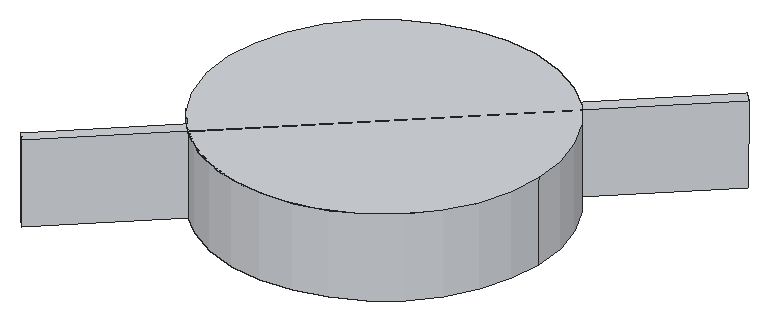
Revit family "電線管用ファミリ(片側のみ)_6", category Electrical Fixtures, Revit 2022
Family settings
  Round Connector Dimension = Use Diameter
  Part Type = Normal
  OmniClass Number = 23.80.00.00
  OmniClass Title = Electric Power and Lighting
  Work Plane-Based = No
  Always vertical = Yes
  Cut with Voids When Loaded = No
  Maintain Annotation Orientation = No
  Shared = No
  Room Calculation Point = No
Parameters
  コネクタ直径 [instance] = 16 mm
  W [instance] = 200 mm
  Default Elevation = 0 mm
  D [instance] = 200 mm
Reference planes
  plane 1 "Center (Front/Back)": y = 0
  plane 2: z = 0
  plane 3 "Center (Left/Right)": x = 0
  plane 4: x = -100
  plane 5: x = 100
  plane 6: y = 100
  plane 7: y = -100
  plane 8: z = 33.685
  plane 9: z = 50
Forms (mm)
  Extrusion 1, solid
    sketch origin (0, 0, 0) x (1, 0, 0) y (0, 1, 0)
      loop
        circle (0, 0) r 100
    from 0 to 50
  Extrusion 2, solid
    sketch origin (0, 0, 0) x (1, 0, 0) y (0, 1, 0)
      loop
        line (-132.86, -126.778) -> (-127.25, -132.388) -> (132.655, 127.518) -> (127.045, 133.128) -> (-132.86, -126.778)
    from 0 to 50
Dimensions and locks
  equal spacing: plane 4, plane 3 "Center (Left/Right)", plane 5
  "W": plane 4 to plane 5
  equal spacing: plane 6, plane 1 "Center (Front/Back)", plane 7
  "D": plane 6 to plane 7
  aligned and locked: level to plane 2
  aligned and locked: plane 9 to Extrusion 1
Automatic sketch dimensions
  plane 1 "Center (Front/Back)" to Extrusion 1 sketch curve = 0 mm
  Extrusion 1 sketch curve to plane 3 "Center (Left/Right)" = 0 mm
  Extrusion 2 sketch curve to plane 7 = 26.778 mm
  Extrusion 2 sketch curve to plane 4 = 27.25 mm
  plane 5 to Extrusion 2 sketch curve = 27.045 mm
  plane 6 to Extrusion 2 sketch curve = 27.518 mm
  plane 5 to Extrusion 2 sketch curve = 32.655 mm
  radius of Extrusion 1 sketch curve = 100 mm
Connectors
  cabletrayconduit at (0, 0, 50), diameter 16
    settings: on Extrusion 1, index 1, connector width 300 mm, connector height 300 mm, connector angle 0.00°, system type 32, placement type 0, profile type 0, connector reference index -1, is primary connector yes, connector utility param no, connector description ""
